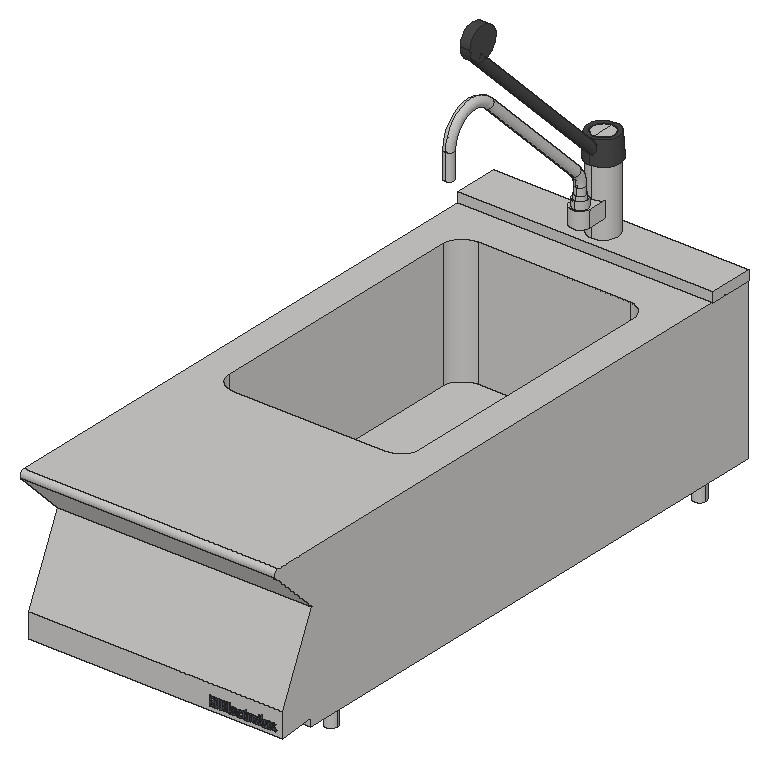
Revit family "QF_ELECTROLUXPROFESSIONAL_391236_E9SUNDQ000", category Specialty Equipment, Revit 2018
Family settings
  Round Connector Dimension = Use Diameter
  Part Type = Normal
  Work Plane-Based = No
  Always vertical = Yes
  Cut with Voids When Loaded = No
  Shared = No
  Room Calculation Point = No
Parameters
  Width = 400 mm  # constant formula
  Weight in Pounds = 44.1  # constant formula
  Watts = 0 W
  Waste Water Discharge Temperature [instance] = -459.67 °F
  URL Cutsheet = "www.electrolux.com"
  URL = "www.electrolux.com"
  Type Mark [instance] = ""
  Specification by User [instance] = ""
  Specification by Manufacturer = ""
  Show Logo [instance] = yes
  Serial Number = ""
  Seismic Rating = ""
  SMACNA No = ""
  Revision Code [instance] = ""
  Plumbing Remarks = ""
  Plumbing Connection Type = ""
  Omniclass Number and Title = ""
  NAFEM Spec ID Number = ""
  Model = "391236"
  Masterspec = ""
  Manufacturer = "ELECTROLUX"
  Item Number [instance] = ""
  Installed By [instance] = ""
  Indirect Waste Size = 1"
  Indirect Waste Flow [instance] = 0 GPM
  Indirect Waste Connection Type [instance] = ""
  Indirect Waste Connection Height = 0 mm
  Identify Quantity as Lot [instance] = yes
  Hot Water Temperature [instance] = -459.67 °F
  Hot Water Size = 1/2"
  Hot Water RI Height [instance] = 0 mm
  Hot Water Minimum Pressure = 0.00 psi
  Hot Water Maximum Pressure = 0.00 psi
  Hot Water Flow [instance] = 0 GPM
  Hot Water Consumption = 0 GPM
  Hot Water Connection Height = 0 mm
  HP = "0 HP"
  Furnished By [instance] = ""
  Foodservice Equipment Identifier [instance] = yes
  Direct Waste Size = 5 1/2"
  Description = "SINK TOP WITH WATER COLUMN 400MM"
  Depth = 930 mm  # constant formula
  Cold Water Temperature Recommended [instance] = -459.67 °F
  Cold Water Size = 1/2"
  Cold Water RI Height [instance] = 0 mm
  Cold Water Minimum Pressure = 0.00 psi
  Cold Water Maximum Pressure = 0.00 psi
  Cold Water Flow [instance] = 0 GPM
  Cold Water Consumption = ""
  Cold Water Connection Height = 0 mm
  CSI MasterFormat = ""
  CSI Master Format = ""
Reference planes
  plane 1 "BACK": y = 0
  plane 2: z = 0
  plane 3 "LEFT": x = 0
  plane 4 "RIGHT": x = 400
  plane 5 "FRONT": y = -930
  plane 6 "TOP": z = 275
  plane 7 "Center Y": x = 200
  plane 8 "Center X": y = -465
  plane 9: z = 24
  plane 10: z = 688
  plane 11: y = -82
  plane 12: y = -805
Forms (mm)
  Extrusion 1, solid, material "QF_Finishes_Stainless Steel"
    sketch origin (0, 0, 0) x (0, 1, 0) y (0, 0, 1)
      loop
        line (0, 275) -> (-922.639, 275)
        arc (-922.639, 275) -> (-929.44, 270.456) -> (-927.844, 262.434) r 7.361
        line (-927.844, 262.434) -> (-857.044, 191.634) -> (-913.4, 69.19) -> (-913.4, 31.09) -> (-860.028, 36.7) -> (-860.028, 24) -> (0, 24) -> (0, 275)
    from 0 to 400
  Extrusion 2, solid, material "QF_Finishes_Stainless Steel"
    sketch origin (0, 0, 0) x (1, 0, 0) y (0, 1, 0)
      loop
        circle (11, -82) r 9.525
      loop
        circle (11, -805) r 9.525
      loop
        circle (389, -82) r 9.525
      loop
        circle (389, -805) r 9.525
    from 0 to 24
  Extrusion 3, solid, material "QF_Finishes_Stainless Steel"
    sketch origin (0, -101.6, 24) x (-1, 0, 0) y (0, 1, 0)
      loop
        circle (-200, -76.483) r 12.7
    from -14.507 to -1.283
  Extrusion 4, solid, material "QF_Finishes_Stainless Steel"
    sketch origin (0, 0, 275) x (0, -1, 0) y (1, 0, 0)
      loop
        line (0, 400) -> (0, 0) -> (69.85, 0) -> (69.85, 400) -> (0, 400)
    from 0 to 15
  Extrusion 5, solid, material "QF_Finishes_Navy Blue", visible <- "Show Logo"
    sketch origin (0, -913.4, 31.09) x (0, 0, 1) y (-1, 0, 0)
      loop
        line (20.486, -293.797) -> (8.12, -293.797)
        arc (8.12, -293.797) -> (14.303, -298.368) -> (20.486, -293.797) r 6.467
      loop
        arc (20.486, -293.168) -> (19.317, -288.025) -> (14.662, -285.547) r 6.338
        line (14.662, -285.547) -> (14.662, -287.593)
        arc (14.662, -287.593) -> (16.145, -291.248) -> (19.591, -293.168) r 5.941
        line (19.591, -293.168) -> (20.486, -293.168)
      loop
        arc (9.015, -293.168) -> (12.461, -291.248) -> (13.945, -287.593) r 5.941
        line (13.945, -287.593) -> (13.945, -285.547)
        arc (13.945, -285.547) -> (9.25, -288.021) -> (7.961, -293.168) r 6.504
        line (7.961, -293.168) -> (9.015, -293.168)
      loop
        line (21.161, -285.078) -> (7.417, -285.078) -> (7.417, -298.841) -> (21.161, -298.841) -> (21.161, -285.078)
      loop
        arc (21.245, -301.808) -> (20.897, -301.451) -> (20.53, -301.789) r 0.358
        arc (20.53, -301.789) -> (20.216, -302.539) -> (19.499, -302.924) r 1.216
        line (19.499, -302.924) -> (9.087, -302.924)
        arc (9.087, -302.924) -> (8.427, -302.646) -> (8.031, -302.05) r 1.238
        arc (8.031, -302.05) -> (7.636, -301.799) -> (7.33, -302.153) r 0.358
        line (7.33, -302.153) -> (7.33, -312.032) -> (10.081, -312.032) -> (10.081, -311.135)
        arc (10.081, -311.135) -> (9.172, -310.555) -> (8.717, -309.578) r 1.928
        line (8.717, -309.578) -> (8.717, -307.079)
        arc (8.717, -307.079) -> (8.992, -306.35) -> (9.681, -305.986) r 1.101
        line (9.681, -305.986) -> (13.767, -305.986) -> (13.767, -309.659)
        arc (13.767, -309.659) -> (13.415, -310.157) -> (12.849, -310.384) r 1.083
        arc (12.849, -310.384) -> (12.586, -310.69) -> (12.878, -310.968) r 0.292
        line (12.878, -310.968) -> (15.84, -310.968)
        arc (15.84, -310.968) -> (16.143, -310.695) -> (15.904, -310.365) r 0.305
        arc (15.904, -310.365) -> (15.414, -310.117) -> (15.109, -309.659) r 1.083
        line (15.109, -309.659) -> (15.109, -305.986) -> (19.786, -305.986) -> (19.786, -309.733)
        arc (19.786, -309.733) -> (19.572, -310.489) -> (18.965, -310.987) r 1.314
        arc (18.965, -310.987) -> (18.746, -311.391) -> (19.101, -311.683) r 0.361
        line (19.101, -311.683) -> (21.245, -311.683) -> (21.245, -301.808)
      loop
        arc (20.528, -312.464) -> (20.147, -313.383) -> (19.229, -313.763) r 1.299
        line (19.229, -313.763) -> (9.65, -313.763)
        arc (9.65, -313.763) -> (8.812, -313.385) -> (8.54, -312.507) r 1.118
        line (8.54, -312.507) -> (7.33, -312.507) -> (7.33, -317.857) -> (8.519, -317.857)
        arc (8.519, -317.857) -> (8.79, -316.94) -> (9.66, -316.544) r 1.153
        line (9.66, -316.544) -> (21.733, -316.544) -> (20.528, -312.464)
      loop
        line (12.295, -320.493) -> (12.295, -326.941) -> (13.094, -326.941)
        arc (13.094, -326.941) -> (15.675, -325.956) -> (16.943, -323.502) r 3.874
        line (16.943, -323.502) -> (16.943, -321.742)
        arc (16.943, -321.742) -> (15.757, -318.877) -> (12.892, -317.691) r 4.051
        line (12.892, -317.691) -> (10.884, -317.691)
        arc (10.884, -317.691) -> (8.066, -319.176) -> (7.014, -322.183) r 4.352
        arc (7.014, -322.183) -> (7.378, -324.646) -> (8.756, -326.72) r 5.713
        line (8.756, -326.72) -> (9.705, -326.72)
        arc (9.705, -326.72) -> (8.972, -325.151) -> (8.756, -323.433) r 5.579
        arc (8.756, -323.433) -> (9.55, -321.47) -> (11.429, -320.493) r 3.057
        line (11.429, -320.493) -> (12.295, -320.493)
      loop
        line (13.554, -320.493) -> (13.554, -324.075)
        arc (13.554, -324.075) -> (15.011, -324.122) -> (15.894, -322.963) r 1.59
        line (15.894, -322.963) -> (15.894, -322.133)
        arc (15.894, -322.133) -> (15.03, -320.878) -> (13.554, -320.493) r 2.184
      loop
        arc (16.345, -336.358) -> (16.834, -334.684) -> (16.992, -332.947) r 9.023
        line (16.992, -332.947) -> (16.992, -331.585)
        arc (16.992, -331.585) -> (15.832, -328.785) -> (13.033, -327.626) r 3.959
        line (13.033, -327.626) -> (10.432, -327.626)
        arc (10.432, -327.626) -> (8.151, -328.918) -> (7.033, -331.291) r 4.331
        line (7.033, -331.291) -> (7.033, -333.426)
        arc (7.033, -333.426) -> (7.542, -334.976) -> (8.463, -336.322) r 5.772
        arc (8.463, -336.322) -> (9.225, -336.373) -> (9.311, -335.614) r 0.553
        arc (9.311, -335.614) -> (8.924, -334.88) -> (8.79, -334.061) r 2.573
        line (8.79, -334.061) -> (8.79, -332.546)
        arc (8.79, -332.546) -> (9.796, -330.904) -> (11.61, -330.262) r 2.884
        line (11.61, -330.262) -> (12.889, -330.262)
        arc (12.889, -330.262) -> (14.71, -330.822) -> (15.637, -332.487) r 2.554
        line (15.637, -332.487) -> (15.637, -333.54)
        arc (15.637, -333.54) -> (15.305, -334.468) -> (14.648, -335.203) r 2.564
        arc (14.648, -335.203) -> (14.427, -335.92) -> (15.036, -336.358) r 0.643
        line (15.036, -336.358) -> (16.345, -336.358)
      loop
        line (15.327, -336.628) -> (15.327, -338.129) -> (9.279, -338.129)
        arc (9.279, -338.129) -> (7.691, -338.787) -> (7.033, -340.375) r 2.246
        line (7.033, -340.375) -> (7.033, -341.959)
        arc (7.033, -341.959) -> (7.347, -342.823) -> (7.848, -343.595) r 4.06
        arc (7.848, -343.595) -> (8.58, -343.728) -> (8.832, -343.027) r 0.576
        arc (8.832, -343.027) -> (8.726, -342.501) -> (8.79, -341.969) r 1.69
        arc (8.79, -341.969) -> (9.331, -341.181) -> (10.238, -340.878) r 1.506
        line (10.238, -340.878) -> (15.376, -340.878) -> (15.376, -343.275) -> (15.932, -343.831) -> (16.754, -343.831) -> (16.754, -340.972) -> (19.985, -340.972) -> (15.327, -336.628)
      loop
        line (7.251, -344.729) -> (7.251, -350.116) -> (8.361, -350.116)
        arc (8.361, -350.116) -> (8.755, -349.165) -> (9.706, -348.771) r 1.345
        line (9.706, -348.771) -> (13.322, -348.771)
        arc (13.322, -348.771) -> (14.087, -349.363) -> (14.376, -350.285) r 1.615
        line (14.376, -350.285) -> (14.376, -351.841) -> (16.932, -352.526) -> (16.932, -351.143) -> (14.989, -348.584) -> (16.87, -348.584) -> (16.585, -345.878)
        arc (16.585, -345.878) -> (16.146, -345.348) -> (15.487, -345.549) r 0.621
        arc (15.487, -345.549) -> (15.086, -345.891) -> (14.592, -346.074) r 1.501
        line (14.592, -346.074) -> (9.706, -346.074)
        arc (9.706, -346.074) -> (8.755, -345.68) -> (8.361, -344.729) r 1.345
        line (8.361, -344.729) -> (7.251, -344.729)
      loop
        line (13.353, -352.063) -> (10.66, -352.063)
        arc (10.66, -352.063) -> (8.215, -353.371) -> (7.081, -355.901) r 4.288
        arc (7.081, -355.901) -> (7.018, -357.282) -> (7.081, -358.662) r 15.022
        arc (7.081, -358.662) -> (8.215, -361.193) -> (10.66, -362.5) r 4.288
        line (10.66, -362.5) -> (13.353, -362.5)
        arc (13.353, -362.5) -> (15.798, -361.193) -> (16.932, -358.662) r 4.288
        arc (16.932, -358.662) -> (16.996, -357.282) -> (16.932, -355.901) r 15.022
        arc (16.932, -355.901) -> (15.798, -353.371) -> (13.353, -352.063) r 4.288
      loop
        line (13.557, -355.177) -> (10.456, -355.177)
        arc (10.456, -355.177) -> (8.299, -357.334) -> (10.456, -359.491) r 2.157
        line (10.456, -359.491) -> (13.557, -359.491)
        arc (13.557, -359.491) -> (15.714, -357.334) -> (13.557, -355.177) r 2.157
      loop
        arc (20.538, -362.358) -> (20.168, -363.252) -> (19.274, -363.623) r 1.264
        line (19.274, -363.623) -> (9.409, -363.623)
        arc (9.409, -363.623) -> (8.539, -363.226) -> (8.268, -362.31) r 1.153
        line (8.268, -362.31) -> (7.33, -362.31) -> (7.33, -367.418) -> (8.259, -367.418)
        arc (8.259, -367.418) -> (8.618, -366.646) -> (9.409, -366.331) r 1.153
        line (9.409, -366.331) -> (21.733, -366.331) -> (20.538, -362.358)
      loop
        arc (15.658, -366.956) -> (15.459, -368.02) -> (14.49, -368.502) r 1.215
        line (14.49, -368.502) -> (9.47, -368.502)
        arc (9.47, -368.502) -> (7.856, -369.149) -> (7.135, -370.732) r 2.338
        line (7.135, -370.732) -> (7.135, -372.247)
        arc (7.135, -372.247) -> (7.309, -373.251) -> (7.812, -374.137) r 2.979
        line (7.812, -374.137) -> (7.33, -375.934) -> (7.33, -377.622) -> (16.756, -377.622) -> (16.462, -373.419) -> (15.675, -373.419)
        arc (15.675, -373.419) -> (15.32, -374.255) -> (14.567, -374.764) r 1.605
        line (14.567, -374.764) -> (9.465, -374.764)
        arc (9.465, -374.764) -> (9.044, -373.827) -> (8.972, -372.803) r 2.94
        arc (8.972, -372.803) -> (9.532, -371.702) -> (10.686, -371.259) r 1.724
        line (10.686, -371.259) -> (16.882, -371.259) -> (15.658, -366.956)
      loop
        line (16.687, -378.476) -> (15.014, -380.522) -> (11.841, -382.828) -> (8.384, -379.716)
        arc (8.384, -379.716) -> (8.147, -379.322) -> (8.169, -378.863) r 0.789
        line (8.169, -378.863) -> (7.33, -378.863) -> (7.33, -382.408) -> (8.157, -382.408)
        arc (8.157, -382.408) -> (8.499, -382.046) -> (8.989, -382.138) r 0.52
        line (8.989, -382.138) -> (10.789, -383.609) -> (8.67, -384.985)
        arc (8.67, -384.985) -> (8.269, -384.675) -> (8.183, -384.175) r 0.7
        line (8.183, -384.175) -> (7.33, -384.175) -> (7.33, -390.102) -> (8.217, -390.102)
        arc (8.217, -390.102) -> (8.284, -389.443) -> (8.679, -388.912) r 1.247
        line (8.679, -388.912) -> (12.878, -385.631) -> (15.326, -387.684) -> (16.687, -389.426) -> (16.687, -385.702) -> (15.202, -386.125) -> (13.68, -384.848) -> (15.38, -383.658) -> (16.687, -384.434) -> (16.687, -378.476)
    from 0 to 1.644
  Revolve 6, solid, material "QF_Finishes_Black"
    sketch origin (200, 0, 0) x (0, 1, 0) y (0, 0, 1)
      loop
        line (-10.402, 431.759) -> (-17.425, 431.759) -> (-17.425, 394.386) -> (-8.778, 394.386) -> (-10.402, 431.759)
      axis (-34.925, 431.759) -> (-34.925, 394.386)
    angle from 0 to 360
  Extrusion 7, solid, material "QF_Finishes_Stainless Steel"
    sketch origin (200, 0, 320) x (1, 0, 0) y (0, 1, 0)
      loop
        line (-15.156, -43.482) -> (-15.156, -80.264)
        arc (-15.156, -80.264) -> (0, -95.42) -> (15.156, -80.264) r 15.156
        line (15.156, -80.264) -> (15.156, -43.482) -> (-15.156, -43.482)
    from 0 to 25.4
  Revolve 8, solid, material "QF_Finishes_Stainless Steel"
    sketch origin (200, -29.397, 2.781) x (0, 1, 0) y (0, 0, 1)
      loop
        line (-50.867, 342.619) -> (-39.617, 342.619) -> (-39.617, 353.869) -> (-42.117, 353.869) -> (-42.117, 359.598) -> (-50.867, 359.598) -> (-50.867, 342.619)
      axis (-50.867, 359.598) -> (-50.867, 342.619)
    angle from 0 to 360
  Sweep 9, solid, material "QF_Finishes_Stainless Steel"
    path origin (200, 0, -10) x (0, 1, 0) y (0, 0, 1)
      loop
        line (-80.264, 372.378) -> (-80.264, 385.056)
        arc (-80.264, 385.056) -> (-82.766, 397.633) -> (-89.89, 408.296) r 32.867
        line (-89.89, 408.296) -> (-260.848, 579.254)
        arc (-260.848, 579.254) -> (-309.888, 589.008) -> (-337.667, 547.434) r 45
        line (-337.667, 547.434) -> (-337.667, 506.364)
    profile origin (200, -80.264, 368.717) x (0, -1, 0) y (1, 0, 0)
      loop
        circle (0, 0) r 7.5
  Sweep 10, solid, material "QF_Finishes_Black"
    path origin (200, 57.529, 36.755) x (0, 1, 0) y (0, 0, 1)
      loop
        line (-107.529, 373.023) -> (-350.504, 615.998)
    profile origin (200, -171.487, 531.265) x (0, -0.707107, -0.707107) y (1, 0, 0)
      loop
        circle (0, 0) r 7.5
  Extrusion 11, solid, material "QF_Finishes_Black"
    sketch origin (200, 0, 0) x (0, 1, 0) y (0, 0, 1)
      loop
        circle (-281.051, 665.179) r 25
    from -7.7 to 7.686
  Revolve 12, solid, material "QF_Finishes_Stainless Steel"
    sketch origin (200, 0, 0) x (0, 1, 0) y (0, 0, 1)
      loop
        line (-34.925, 431.759) -> (-34.925, 290) -> (-12.425, 290) -> (-12.425, 394.386) -> (-17.425, 394.386) -> (-17.425, 431.759) -> (-34.925, 431.759)
      axis (-34.925, 431.759) -> (-34.925, 290)
    angle from 0 to 360
  Extrusion 13, void
    sketch origin (0, 0, 275) x (1, 0, 0) y (0, -1, 0)
      loop
        line (80, 132.285) -> (320, 132.285)
        arc (320, 132.285) -> (341.213, 141.072) -> (350, 162.285) r 30
        line (350, 162.285) -> (350, 582.285)
        arc (350, 582.285) -> (341.213, 603.498) -> (320, 612.285) r 30
        line (320, 612.285) -> (80, 612.285)
        arc (80, 612.285) -> (58.787, 603.498) -> (50, 582.285) r 30
        line (50, 582.285) -> (50, 162.285)
        arc (50, 162.285) -> (58.787, 141.072) -> (80, 132.285) r 30
    from 0 to 200
  Extrusion 14, void
    sketch origin (0, 0, 75) x (0, 1, 0) y (1, 0, 0)
      loop
        circle (-178.083, 200) r 12.7
    from 0 to 36.579
  Extrusion 15, solid, material "QF_Finishes_Stainless Steel"
    sketch origin (0, 0, 75) x (1, 0, 0) y (0, 1, 0)
      loop
        circle (200, -178.083) r 12.7
      loop
        circle (200, -178.083) r 19.1
    from 0 to 3.2
Cuts and joins
  Extrusion 13, Extrusion 14 cuts Extrusion 1
Lines and regions (mm)
  symbolic lines
    curve 1: line (0, 0, 0) -> (0, -930, 0)
    curve 2: line (0, 0, 0) -> (400, 0, 0)
    curve 3: line (400, 0, 0) -> (400, -930, 0)
    curve 4: line (400, -930, 0) -> (0, -930, 0)
    curve 5: line (0, -69.85, 0) -> (184.844, -69.85, 0)
    curve 6: circle (200, -34.925, 0) r 17.5 normal (0, 0, 1)
    curve 7: circle (200, -34.925, 0) r 26.147 normal (0, 0, 1)
    curve 8: line (215.156, -80.264, 0) -> (215.156, -56.231, 0)
    curve 9: line (184.844, -56.231, 0) -> (184.844, -80.264, 0)
    curve 10: arc (184.844, -80.264, 0) -> (186.897, -87.881, 0) -> (192.5, -93.434, 0) r 15.156
    curve 11: arc (192.5, -71.878, 0) -> (188.75, -80.264, 0) -> (192.5, -88.649, 0) r 11.25
    curve 12: line (215.156, -69.85, 0) -> (400, -69.85, 0)
    curve 13: arc (207.5, -88.649, 0) -> (211.25, -80.264, 0) -> (207.5, -71.878, 0) r 11.25
    curve 14: line (207.5, -337.667, 0) -> (207.5, -59.973, 0)
    curve 15: line (192.5, -337.667, 0) -> (192.5, -59.973, 0)
    curve 16: arc (192.5, -337.667, 0) -> (200, -345.167, 0) -> (207.5, -337.667, 0) r 7.5
    curve 17: arc (207.5, -93.434, 0) -> (213.103, -87.881, 0) -> (215.156, -80.264, 0) r 15.156
    curve 18: arc (192.5, -167.835, 0) -> (187.3, -178.083, 0) -> (192.5, -188.332, 0) r 12.7
    curve 19: arc (192.5, -160.518, 0) -> (180.9, -178.083, 0) -> (192.5, -195.649, 0) r 19.1
    curve 20: arc (207.5, -188.332, 0) -> (212.7, -178.083, 0) -> (207.5, -167.835, 0) r 12.7
    curve 21: arc (207.5, -195.649, 0) -> (219.1, -178.083, 0) -> (207.5, -160.518, 0) r 19.1
    curve 22: line (80, -132.285, 0) -> (192.5, -132.285, 0)
    curve 23: arc (320, -132.285, 0) -> (341.213, -141.072, 0) -> (350, -162.285, 0) r 30
    curve 24: line (350, -162.285, 0) -> (350, -582.285, 0)
    curve 25: arc (350, -582.285, 0) -> (341.213, -603.498, 0) -> (320, -612.285, 0) r 30
    curve 26: line (320, -612.285, 0) -> (80, -612.285, 0)
    curve 27: arc (80, -612.285, 0) -> (58.787, -603.498, 0) -> (50, -582.285, 0) r 30
    curve 28: line (50, -582.285, 0) -> (50, -162.285, 0)
    curve 29: arc (50, -162.285, 0) -> (58.787, -141.072, 0) -> (80, -132.285, 0) r 30
    curve 30: line (207.5, -132.285, 0) -> (320, -132.285, 0)
Dimensions and locks
  equal spacing: plane 3 "LEFT", plane 7 "Center Y", plane 4 "RIGHT"
  "Width": plane 3 "LEFT" to plane 4 "RIGHT"
  equal spacing: plane 5 "FRONT", plane 8 "Center X", plane 1 "BACK"
  "Depth": plane 5 "FRONT" to plane 1 "BACK"
  plane 6 "TOP" to level = 275 mm
  plane 9 to level = 24 mm  (x2)
  plane 6 "TOP" to plane 9 = 251 mm  (x3)
  plane 10 to level = 688 mm
  plane 10 to plane 9 = 664 mm
  plane 1 "BACK" to plane 5 "FRONT" = 930 mm  (x2)
  plane 5 "FRONT" to plane 12 to plane 11 to plane 1 "BACK" = 125 mm, 723 mm, 82 mm
  plane 9 to plane 2 = 24 mm
  Extrusion 4 to plane 9 = 266 mm
  plane 5 "FRONT" to plane 1 "BACK" = 930 mm
  plane 9 to Extrusion 3 = 1.283 mm
  Extrusion 3 sketch curve to plane 1 "BACK" = 178.083 mm
  plane 1 "BACK" to plane 11 = 82 mm
  plane 12 to plane 5 "FRONT" = 125 mm
  plane 10 to plane 6 "TOP" = 413 mm
  level to Extrusion 3 = 25.283 mm
  aligned and locked: level to plane 2
Automatic sketch dimensions
  Extrusion 1 sketch curve to plane 6 "TOP" = 0 mm
  Extrusion 1 sketch curve to plane 9 = 0 mm
  Extrusion 1 sketch curve to plane 1 "BACK" = 0 mm
  Extrusion 1 sketch curve to plane 12 = 52.044 mm
  plane 9 to Extrusion 1 sketch curve = 12.7 mm
  Extrusion 1 sketch curve to plane 12 = 55.028 mm
  plane 9 to Extrusion 1 sketch curve = 7.09 mm
  Extrusion 1 sketch curve to plane 5 "FRONT" = 16.6 mm
  Extrusion 1 sketch curve to plane 5 "FRONT" = 7.361 mm
  Extrusion 1 sketch curve to plane 5 "FRONT" = 2.156 mm
  Extrusion 1 sketch curve to Extrusion 1 sketch curve = 38.1 mm
  Extrusion 1 sketch curve to plane 6 "TOP" = 83.366 mm
  Extrusion 1 sketch curve to plane 6 "TOP" = 12.566 mm
  Extrusion 2 sketch curve to plane 12 = 0 mm  (x2)
  plane 11 to Extrusion 2 sketch curve = 0 mm  (x2)
  Extrusion 3 sketch curve to Extrusion 1 = 200 mm
  Extrusion 4 sketch curve to Extrusion 1 = 0 mm  (x3)
  Extrusion 1 to Extrusion 4 sketch curve = 69.85 mm
  Extrusion 5 sketch curve to Extrusion 1 = 1.973 mm
  Extrusion 5 sketch curve to Extrusion 1 = 7.014 mm
  Extrusion 5 sketch curve to Extrusion 1 = 7.033 mm  (x2)
  Extrusion 5 sketch curve to Extrusion 5 sketch curve = 5.108 mm  (x2)
  Extrusion 5 sketch curve to Extrusion 5 sketch curve = 0 mm  (x27)
  Extrusion 5 sketch curve to Extrusion 1 = 7.135 mm
  Extrusion 5 sketch curve to Extrusion 5 sketch curve = 0.218 mm
  Extrusion 5 sketch curve to Extrusion 5 sketch curve = 0.195 mm
  Extrusion 5 sketch curve to Extrusion 5 sketch curve = 0.249 mm
  Extrusion 5 sketch curve to Extrusion 1 = 7.33 mm
  Extrusion 5 sketch curve to Extrusion 5 sketch curve = 0.087 mm
  Extrusion 5 sketch curve to Extrusion 5 sketch curve = 0.358 mm
  Extrusion 5 sketch curve to Extrusion 5 sketch curve = 0.481 mm
  Extrusion 5 sketch curve to Extrusion 5 sketch curve = 0.597 mm
  Extrusion 5 sketch curve to Extrusion 5 sketch curve = 0.544 mm
  Extrusion 5 sketch curve to Extrusion 5 sketch curve = 0.936 mm
  Extrusion 5 sketch curve to Extrusion 5 sketch curve = 0.594 mm
  Extrusion 5 sketch curve to Extrusion 5 sketch curve = 0.343 mm
  Extrusion 5 sketch curve to Extrusion 5 sketch curve = 0.159 mm
  Extrusion 5 sketch curve to Extrusion 5 sketch curve = 0.826 mm
  Extrusion 5 sketch curve to Extrusion 5 sketch curve = 0.839 mm
  Extrusion 5 sketch curve to Extrusion 5 sketch curve = 0.852 mm
  Extrusion 5 sketch curve to Extrusion 5 sketch curve = 0.887 mm
  Extrusion 5 sketch curve to Extrusion 5 sketch curve = 0.928 mm
  Extrusion 5 sketch curve to Extrusion 5 sketch curve = 0.938 mm
  Extrusion 5 sketch curve to Extrusion 5 sketch curve = 0.444 mm
  Extrusion 5 sketch curve to Extrusion 5 sketch curve = 1.11 mm  (x3)
  Extrusion 5 sketch curve to Extrusion 5 sketch curve = 0.215 mm
  Extrusion 5 sketch curve to Extrusion 5 sketch curve = 1.43 mm
  Extrusion 5 sketch curve to Extrusion 5 sketch curve = 1.188 mm
  Extrusion 5 sketch curve to Extrusion 5 sketch curve = 1.21 mm  (x2)
  Extrusion 5 sketch curve to Extrusion 5 sketch curve = 0.503 mm
  Extrusion 5 sketch curve to Extrusion 5 sketch curve = 0.488 mm
  Extrusion 5 sketch curve to Extrusion 5 sketch curve = 0.462 mm
  Extrusion 5 sketch curve to Extrusion 5 sketch curve = 1.386 mm
  Extrusion 5 sketch curve to Extrusion 5 sketch curve = 1.742 mm  (x2)
  Extrusion 5 sketch curve to Extrusion 5 sketch curve = 0.821 mm
  Extrusion 5 sketch curve to Extrusion 5 sketch curve = 0.497 mm
  Extrusion 5 sketch curve to Extrusion 5 sketch curve = 0.539 mm
  Extrusion 5 sketch curve to Extrusion 5 sketch curve = 0.686 mm
  Extrusion 5 sketch curve to Extrusion 5 sketch curve = 0.408 mm
  Extrusion 5 sketch curve to Extrusion 5 sketch curve = 0.743 mm
  Extrusion 5 sketch curve to Extrusion 5 sketch curve = 1.16 mm
  Extrusion 5 sketch curve to Extrusion 5 sketch curve = 0.329 mm
  Extrusion 5 sketch curve to Extrusion 5 sketch curve = 1.054 mm
  Extrusion 5 sketch curve to Extrusion 5 sketch curve = 1.056 mm
  Extrusion 5 sketch curve to Extrusion 5 sketch curve = 1.185 mm
  Extrusion 5 sketch curve to Extrusion 5 sketch curve = 0.489 mm
  Extrusion 5 sketch curve to Extrusion 5 sketch curve = 0.441 mm
  Extrusion 5 sketch curve to Extrusion 5 sketch curve = 1.151 mm
  Extrusion 5 sketch curve to Extrusion 5 sketch curve = 1.141 mm  (x2)
  Extrusion 5 sketch curve to Extrusion 5 sketch curve = 0.768 mm
  Extrusion 5 sketch curve to Extrusion 5 sketch curve = 1.653 mm
  Extrusion 5 sketch curve to Extrusion 5 sketch curve = 0.499 mm
  Extrusion 5 sketch curve to Extrusion 5 sketch curve = 0.964 mm
  Extrusion 5 sketch curve to Extrusion 5 sketch curve = 0.949 mm
  Extrusion 5 sketch curve to Extrusion 5 sketch curve = 1.345 mm  (x3)
  Extrusion 5 sketch curve to Extrusion 5 sketch curve = 1.101 mm
  Extrusion 5 sketch curve to Extrusion 5 sketch curve = 0.432 mm
  Extrusion 5 sketch curve to Extrusion 5 sketch curve = 1.142 mm
  Extrusion 5 sketch curve to Extrusion 5 sketch curve = 0.959 mm
  Extrusion 5 sketch curve to Extrusion 5 sketch curve = 0.176 mm
  Extrusion 5 sketch curve to Extrusion 5 sketch curve = 0.728 mm
  Extrusion 5 sketch curve to Extrusion 5 sketch curve = 3.375 mm  (x2)
  Extrusion 5 sketch curve to Extrusion 5 sketch curve = 1.905 mm
  Extrusion 5 sketch curve to Extrusion 5 sketch curve = 0.955 mm
  Extrusion 5 sketch curve to Extrusion 5 sketch curve = 1.251 mm
  Extrusion 5 sketch curve to Extrusion 5 sketch curve = 0.572 mm
  Extrusion 5 sketch curve to Extrusion 5 sketch curve = 1.92 mm
  Extrusion 5 sketch curve to Extrusion 5 sketch curve = 1.224 mm
  Extrusion 5 sketch curve to Extrusion 5 sketch curve = 0.745 mm
  Extrusion 5 sketch curve to Extrusion 5 sketch curve = 2.537 mm
  Extrusion 5 sketch curve to Extrusion 5 sketch curve = 0.896 mm  (x3)
  Extrusion 5 sketch curve to Extrusion 5 sketch curve = 0.036 mm
  Extrusion 5 sketch curve to Extrusion 5 sketch curve = 2.607 mm
  Extrusion 5 sketch curve to Extrusion 5 sketch curve = 0.066 mm
  Extrusion 5 sketch curve to Extrusion 5 sketch curve = 0.248 mm
  Extrusion 5 sketch curve to Extrusion 5 sketch curve = 0.449 mm
  Extrusion 5 sketch curve to Extrusion 5 sketch curve = 1.052 mm
  Extrusion 5 sketch curve to Extrusion 5 sketch curve = 1.863 mm
  Extrusion 5 sketch curve to Extrusion 5 sketch curve = 1.31 mm  (x2)
  Extrusion 5 sketch curve to Extrusion 5 sketch curve = 0.901 mm
  Extrusion 5 sketch curve to Extrusion 5 sketch curve = 1.107 mm
  Extrusion 5 sketch curve to Extrusion 5 sketch curve = 2.122 mm
  Extrusion 5 sketch curve to Extrusion 5 sketch curve = 2.101 mm
  Extrusion 5 sketch curve to Extrusion 5 sketch curve = 0.106 mm
  Extrusion 5 sketch curve to Extrusion 5 sketch curve = 0.029 mm
  Extrusion 5 sketch curve to Extrusion 5 sketch curve = 2.09 mm
  Extrusion 5 sketch curve to Extrusion 5 sketch curve = 1.279 mm
  Extrusion 5 sketch curve to Extrusion 5 sketch curve = 2.008 mm
  Extrusion 5 sketch curve to Extrusion 5 sketch curve = 0.738 mm
  Extrusion 5 sketch curve to Extrusion 5 sketch curve = 0.382 mm
  Extrusion 5 sketch curve to Extrusion 5 sketch curve = 0.384 mm
  Extrusion 5 sketch curve to Extrusion 5 sketch curve = 0.002 mm
  Extrusion 5 sketch curve to Extrusion 5 sketch curve = 0.561 mm
  Extrusion 5 sketch curve to Extrusion 5 sketch curve = 0.592 mm
  Extrusion 5 sketch curve to Extrusion 5 sketch curve = 2.692 mm
  Extrusion 5 sketch curve to Extrusion 5 sketch curve = 1.259 mm
  Extrusion 5 sketch curve to Extrusion 5 sketch curve = 0.802 mm
  Extrusion 5 sketch curve to Extrusion 5 sketch curve = 1.024 mm
  Extrusion 5 sketch curve to Extrusion 5 sketch curve = 0.682 mm
  Extrusion 5 sketch curve to Extrusion 5 sketch curve = 5.934 mm
  Extrusion 5 sketch curve to Extrusion 5 sketch curve = 2.186 mm
  Extrusion 5 sketch curve to Extrusion 5 sketch curve = 0.337 mm
  Extrusion 5 sketch curve to Extrusion 5 sketch curve = 0.021 mm
  Extrusion 5 sketch curve to Extrusion 5 sketch curve = 1.005 mm
  Extrusion 5 sketch curve to Extrusion 5 sketch curve = 0.552 mm
  Extrusion 5 sketch curve to Extrusion 5 sketch curve = 0.778 mm
  Extrusion 5 sketch curve to Extrusion 5 sketch curve = 0.063 mm
  Extrusion 5 sketch curve to Extrusion 5 sketch curve = 1.023 mm
  Extrusion 5 sketch curve to Extrusion 5 sketch curve = 3.804 mm
  Extrusion 5 sketch curve to Extrusion 5 sketch curve = 0.486 mm
  Extrusion 5 sketch curve to Extrusion 5 sketch curve = 0.266 mm
  Extrusion 5 sketch curve to Extrusion 5 sketch curve = 1.547 mm
  Extrusion 5 sketch curve to Extrusion 5 sketch curve = 0.717 mm  (x2)
  Extrusion 5 sketch curve to Extrusion 5 sketch curve = 1.667 mm
  Extrusion 5 sketch curve to Extrusion 5 sketch curve = 3.174 mm
  Extrusion 5 sketch curve to Extrusion 5 sketch curve = 0.388 mm
  Extrusion 5 sketch curve to Extrusion 5 sketch curve = 1.342 mm
  Extrusion 5 sketch curve to Extrusion 5 sketch curve = 1.521 mm
  Extrusion 5 sketch curve to Extrusion 5 sketch curve = 0.124 mm
  Extrusion 5 sketch curve to Extrusion 5 sketch curve = 0.291 mm
  Extrusion 5 sketch curve to Extrusion 5 sketch curve = 1.049 mm  (x2)
  Extrusion 5 sketch curve to Extrusion 5 sketch curve = 1.7 mm
  Extrusion 5 sketch curve to Extrusion 5 sketch curve = 0.894 mm
  Extrusion 5 sketch curve to Extrusion 5 sketch curve = 0.989 mm
  Extrusion 5 sketch curve to Extrusion 5 sketch curve = 1.168 mm
  Extrusion 5 sketch curve to Extrusion 5 sketch curve = 1.594 mm
  Extrusion 5 sketch curve to Extrusion 5 sketch curve = 0.731 mm
  Extrusion 5 sketch curve to Extrusion 5 sketch curve = 1.566 mm
  Extrusion 5 sketch curve to Extrusion 5 sketch curve = 0.064 mm
  Extrusion 5 sketch curve to Extrusion 5 sketch curve = 0.556 mm  (x2)
  Extrusion 5 sketch curve to Extrusion 5 sketch curve = 0.48 mm
  Extrusion 5 sketch curve to Extrusion 5 sketch curve = 0.228 mm
  Extrusion 5 sketch curve to Extrusion 5 sketch curve = 1.018 mm
  Extrusion 5 sketch curve to Extrusion 5 sketch curve = 0.787 mm
  Extrusion 5 sketch curve to Extrusion 5 sketch curve = 0.618 mm
  Extrusion 5 sketch curve to Extrusion 5 sketch curve = 1.672 mm
  Extrusion 5 sketch curve to Extrusion 5 sketch curve = 1.361 mm
  Extrusion 5 sketch curve to Extrusion 5 sketch curve = 0.822 mm
  Extrusion 5 sketch curve to Extrusion 5 sketch curve = 0.069 mm
  Extrusion 5 sketch curve to Extrusion 5 sketch curve = 1.88 mm
  Extrusion 5 sketch curve to Extrusion 5 sketch curve = 0.42 mm
  Extrusion 5 sketch curve to Extrusion 5 sketch curve = 0.062 mm
  Extrusion 5 sketch curve to Extrusion 5 sketch curve = 1.355 mm
  Extrusion 5 sketch curve to Extrusion 5 sketch curve = 2.34 mm
  Extrusion 5 sketch curve to Extrusion 5 sketch curve = 0.493 mm
  Extrusion 5 sketch curve to Extrusion 5 sketch curve = 0.136 mm
  Extrusion 5 sketch curve to Extrusion 5 sketch curve = 0.128 mm
  Extrusion 5 sketch curve to Extrusion 5 sketch curve = 3.616 mm
  Extrusion 5 sketch curve to Extrusion 5 sketch curve = 4.207 mm
  Extrusion 5 sketch curve to Extrusion 5 sketch curve = 0.183 mm
  Extrusion 5 sketch curve to Extrusion 5 sketch curve = 0.895 mm
  Extrusion 5 sketch curve to Extrusion 5 sketch curve = 1.314 mm
  Extrusion 5 sketch curve to Extrusion 5 sketch curve = 3.231 mm
  Extrusion 5 sketch curve to Extrusion 5 sketch curve = 1.299 mm
  Extrusion 5 sketch curve to Extrusion 5 sketch curve = 1.214 mm
  Extrusion 5 sketch curve to Extrusion 5 sketch curve = 1.264 mm
  Extrusion 5 sketch curve to Extrusion 5 sketch curve = 0.109 mm
  Extrusion 5 sketch curve to Extrusion 5 sketch curve = 0.357 mm
  Extrusion 5 sketch curve to Extrusion 5 sketch curve = 0.565 mm
  Extrusion 5 sketch curve to Extrusion 5 sketch curve = 2.504 mm
  Extrusion 5 sketch curve to Extrusion 5 sketch curve = 2.459 mm
  Extrusion 1 to Extrusion 5 sketch curve = 9.898 mm
  Extrusion 5 sketch curve to Extrusion 5 sketch curve = 0.208 mm
  Extrusion 5 sketch curve to Extrusion 5 sketch curve = 0.468 mm  (x2)
  Extrusion 5 sketch curve to Extrusion 5 sketch curve = 1.559 mm
  Extrusion 5 sketch curve to Extrusion 5 sketch curve = 0.422 mm  (x2)
  Extrusion 5 sketch curve to Extrusion 5 sketch curve = 0.494 mm
  Extrusion 5 sketch curve to Extrusion 5 sketch curve = 3.927 mm
  Extrusion 5 sketch curve to Extrusion 5 sketch curve = 0.782 mm
  Extrusion 5 sketch curve to Extrusion 5 sketch curve = 1.268 mm
  Extrusion 5 sketch curve to Extrusion 5 sketch curve = 0.671 mm
  Extrusion 5 sketch curve to Extrusion 5 sketch curve = 0.777 mm
  Extrusion 5 sketch curve to Extrusion 5 sketch curve = 0.704 mm
  Extrusion 5 sketch curve to Extrusion 5 sketch curve = 0.781 mm  (x2)
  Extrusion 5 sketch curve to Extrusion 5 sketch curve = 1.634 mm
  Extrusion 5 sketch curve to Extrusion 5 sketch curve = 0.132 mm
  Extrusion 5 sketch curve to Extrusion 5 sketch curve = 3.136 mm
  Extrusion 5 sketch curve to Extrusion 5 sketch curve = 2.422 mm
  Extrusion 5 sketch curve to Extrusion 5 sketch curve = 0.586 mm
  Extrusion 5 sketch curve to Extrusion 5 sketch curve = 2.046 mm  (x2)
  Extrusion 5 sketch curve to Extrusion 5 sketch curve = 1.241 mm
  Extrusion 5 sketch curve to Extrusion 5 sketch curve = 1.689 mm
  Extrusion 5 sketch curve to Extrusion 5 sketch curve = 2.859 mm
  Extrusion 5 sketch curve to Extrusion 5 sketch curve = 0.627 mm
  Extrusion 5 sketch curve to Extrusion 5 sketch curve = 0.863 mm
  Extrusion 5 sketch curve to Extrusion 5 sketch curve = 0.419 mm
  Extrusion 5 sketch curve to Extrusion 5 sketch curve = 1.514 mm
  Extrusion 5 sketch curve to Extrusion 5 sketch curve = 1.019 mm
  Extrusion 5 sketch curve to Extrusion 5 sketch curve = 0.065 mm
  Extrusion 5 sketch curve to Extrusion 5 sketch curve = 1.215 mm
  Extrusion 5 sketch curve to Extrusion 5 sketch curve = 2.708 mm
  Extrusion 5 sketch curve to Extrusion 5 sketch curve = 1.122 mm
  Extrusion 5 sketch curve to Extrusion 5 sketch curve = 1.153 mm
  Extrusion 5 sketch curve to Extrusion 5 sketch curve = 3.009 mm
  Extrusion 5 sketch curve to Extrusion 5 sketch curve = 0.829 mm  (x2)
  Extrusion 5 sketch curve to Extrusion 5 sketch curve = 0.934 mm
  Extrusion 5 sketch curve to Extrusion 5 sketch curve = 3.376 mm
  Extrusion 5 sketch curve to Extrusion 5 sketch curve = 0.222 mm
  Extrusion 5 sketch curve to Extrusion 5 sketch curve = 1.383 mm
  Extrusion 5 sketch curve to Extrusion 5 sketch curve = 1.556 mm
  Extrusion 5 sketch curve to Extrusion 5 sketch curve = 2.559 mm
  Extrusion 5 sketch curve to Extrusion 5 sketch curve = 2.51 mm
  Extrusion 5 sketch curve to Extrusion 5 sketch curve = 0.131 mm
  Extrusion 5 sketch curve to Extrusion 5 sketch curve = 1.717 mm
  Extrusion 5 sketch curve to Extrusion 5 sketch curve = 1.134 mm
  Extrusion 5 sketch curve to Extrusion 5 sketch curve = 0.366 mm
  Extrusion 5 sketch curve to Extrusion 5 sketch curve = 0.094 mm
  Extrusion 5 sketch curve to Extrusion 5 sketch curve = 1.584 mm
  Extrusion 5 sketch curve to Extrusion 5 sketch curve = 1.501 mm
  Extrusion 5 sketch curve to Extrusion 5 sketch curve = 0.27 mm
  Extrusion 5 sketch curve to Extrusion 5 sketch curve = 1.808 mm
  Extrusion 5 sketch curve to Extrusion 5 sketch curve = 0.643 mm
  Extrusion 5 sketch curve to Extrusion 5 sketch curve = 0.916 mm
  Extrusion 5 sketch curve to Extrusion 5 sketch curve = 0.352 mm
  Extrusion 5 sketch curve to Extrusion 5 sketch curve = 0.458 mm
  Extrusion 5 sketch curve to Extrusion 5 sketch curve = 1.282 mm
  Extrusion 5 sketch curve to Extrusion 5 sketch curve = 1.363 mm
  Extrusion 5 sketch curve to Extrusion 5 sketch curve = 0.685 mm
  Extrusion 5 sketch curve to Extrusion 5 sketch curve = 0.905 mm
  Extrusion 5 sketch curve to Extrusion 5 sketch curve = 2.865 mm
  Extrusion 5 sketch curve to Extrusion 5 sketch curve = 0.472 mm
  Extrusion 5 sketch curve to Extrusion 5 sketch curve = 0.101 mm
  Extrusion 5 sketch curve to Extrusion 5 sketch curve = 0.54 mm
  Extrusion 5 sketch curve to Extrusion 5 sketch curve = 0.02 mm
  Extrusion 5 sketch curve to Extrusion 5 sketch curve = 0.582 mm
  Extrusion 5 sketch curve to Extrusion 5 sketch curve = 0.166 mm
  Extrusion 5 sketch curve to Extrusion 5 sketch curve = 0.16 mm
  Extrusion 5 sketch curve to Extrusion 5 sketch curve = 2.781 mm
  Extrusion 5 sketch curve to Extrusion 5 sketch curve = 1.118 mm
  Extrusion 5 sketch curve to Extrusion 5 sketch curve = 0.613 mm
  Extrusion 5 sketch curve to Extrusion 5 sketch curve = 0.361 mm
  Extrusion 5 sketch curve to Extrusion 5 sketch curve = 0.897 mm
  Extrusion 5 sketch curve to Extrusion 5 sketch curve = 0.167 mm
  Extrusion 5 sketch curve to Extrusion 5 sketch curve = 0.292 mm
  Extrusion 5 sketch curve to Extrusion 5 sketch curve = 0.305 mm
  Extrusion 5 sketch curve to Extrusion 5 sketch curve = 1.557 mm
  Extrusion 5 sketch curve to Extrusion 5 sketch curve = 2.499 mm
  Extrusion 5 sketch curve to Extrusion 5 sketch curve = 3.062 mm
  Extrusion 5 sketch curve to Extrusion 5 sketch curve = 2.968 mm
  Extrusion 5 sketch curve to Extrusion 5 sketch curve = 5.044 mm
  Extrusion 5 sketch curve to Extrusion 5 sketch curve = 0.629 mm  (x2)
  Extrusion 5 sketch curve to Extrusion 5 sketch curve = 1.131 mm
  Extrusion 5 sketch curve to Extrusion 5 sketch curve = 0.137 mm
  Extrusion 5 sketch curve to Extrusion 5 sketch curve = 0.027 mm
  Extrusion 5 sketch curve to Extrusion 5 sketch curve = 2.235 mm
  plane 6 "TOP" to Revolve 6 sketch curve = 15 mm
  plane 1 "BACK" to Revolve 6 sketch curve = 34.925 mm
  plane 1 "BACK" to Revolve 6 sketch curve = 17.425 mm
  Revolve 6 sketch curve to Revolve 6 sketch curve = 7.023 mm
  Revolve 6 sketch curve to plane 6 "TOP" = 65 mm
  Revolve 6 sketch curve to Revolve 6 sketch curve = 37.373 mm
  Extrusion 7 sketch curve to plane 7 "Center Y" = 0 mm
  Extrusion 7 sketch curve to plane 7 "Center Y" = 15.156 mm
  Extrusion 7 sketch curve to plane 11 = 1.736 mm
  Extrusion 7 sketch curve to Extrusion 7 sketch curve = 36.782 mm
  Revolve 8 sketch curve to plane 11 = 1.736 mm
  Revolve 8 sketch curve to Revolve 8 sketch curve = 0 mm  (x2)
  Revolve 8 sketch curve to Revolve 8 sketch curve = 8.75 mm
  Revolve 8 sketch curve to Revolve 8 sketch curve = 11.25 mm  (x2)
  Revolve 8 sketch curve to plane 6 "TOP" = 14.6 mm
  plane 6 "TOP" to Revolve 8 sketch curve = 70.4 mm
  Revolve 8 sketch curve to Revolve 8 sketch curve = 5.728 mm
  Sweep 9 sketch curve to profile plane = 0 mm  (x2)
  Sweep 10 sketch curve to plane 10 = 35.247 mm
  plane 8 "Center X" to Sweep 10 sketch curve = 172.025 mm
  Sweep 10 sketch curve to plane 11 = 32 mm
  plane 6 "TOP" to Sweep 10 sketch curve = 134.778 mm
  Sweep 10 sketch curve to profile plane = 0 mm  (x2)
  Extrusion 11 sketch curve to plane 10 = 22.821 mm
  plane 8 "Center X" to Extrusion 11 sketch curve = 183.949 mm
  plane 6 "TOP" to Revolve 12 sketch curve = 15 mm
  plane 1 "BACK" to Revolve 12 sketch curve = 34.925 mm
  Revolve 12 sketch curve to Revolve 12 sketch curve = 0 mm  (x2)
  plane 1 "BACK" to Revolve 12 sketch curve = 12.425 mm
  Revolve 12 sketch curve to plane 6 "TOP" = 65 mm
  Revolve 12 sketch curve to Revolve 12 sketch curve = 37.373 mm
  plane 1 "BACK" to Revolve 12 sketch curve = 17.425 mm
  Revolve 12 sketch curve to Revolve 12 sketch curve = 104.386 mm
  Revolve 6 sketch curve to Revolve 6 sketch curve = 8.647 mm
  Revolve 6 sketch curve to Revolve 6 sketch curve = 104.386 mm
  plane 8 "Center X" to Sweep 9 sketch curve = 127.333 mm
  Sweep 9 sketch curve to Sweep 9 sketch curve = 45 mm
  Sweep 9 sketch curve to Sweep 9 sketch curve = 31.82 mm
  plane 11 to Sweep 9 sketch curve = 31.131 mm
  plane 11 to Sweep 9 sketch curve = 7.89 mm
  Sweep 9 sketch curve to plane 11 = 1.736 mm
  plane 6 "TOP" to Sweep 9 sketch curve = 87.378 mm
  Sweep 9 sketch curve to Sweep 9 sketch curve = 12.677 mm
  Sweep 9 sketch curve to plane 10 = 191.636 mm
  Sweep 9 sketch curve to Sweep 9 sketch curve = 41.07 mm
  Extrusion 1 to Extrusion 13 sketch curve = 50 mm
  Extrusion 13 sketch curve to Extrusion 13 sketch curve = 30 mm  (x3)
  Extrusion 1 to Extrusion 13 sketch curve = 80 mm  (x2)
  Extrusion 1 to Extrusion 13 sketch curve = 310.354 mm
  Extrusion 1 to Extrusion 13 sketch curve = 162.285 mm
  Extrusion 14 sketch curve to Extrusion 13 = 45.799 mm
  Extrusion 14 sketch curve to Extrusion 13 = 150 mm
  Extrusion 15 sketch curve to Extrusion 13 = 150 mm
  Extrusion 15 sketch curve to Extrusion 13 = 45.799 mm
  Extrusion 15 sketch curve to Extrusion 15 sketch curve = 0 mm  (x2)
  curve 6 to curve 7 = 0 mm  (x2)
  curve 10 to curve 11 = 0 mm
  curve 10 to curve 13 = 0 mm
  curve 10 to curve 17 = 0 mm  (x2)
  curve 11 to curve 13 = 0 mm
  curve 11 to curve 17 = 0 mm
  curve 18 to curve 19 = 0 mm  (x2)
  curve 18 to curve 20 = 0 mm  (x2)
  curve 20 to curve 21 = 0 mm  (x2)
  curve 1 to plane 3 "LEFT" = 0 mm
  curve 20 to plane 7 "Center Y" = 0 mm
  curve 17 to plane 7 "Center Y" = 0 mm
  curve 6 to plane 7 "Center Y" = 0 mm
  curve 16 to plane 7 "Center Y" = 0 mm
  curve 3 to plane 4 "RIGHT" = 0 mm
  plane 1 "BACK" to curve 2 = 0 mm
  curve 27 to curve 27 = 30 mm
  curve 29 to curve 22 = 30 mm
  curve 10 to plane 11 = 1.736 mm
  curve 10 to curve 10 = 15.156 mm
  plane 7 "Center Y" to curve 30 = 7.5 mm
  curve 13 to curve 12 = 7.656 mm
  curve 23 to curve 24 = 30 mm
  curve 26 to plane 8 "Center X" = 147.285 mm
  plane 8 "Center X" to curve 16 = 127.333 mm
  curve 21 to curve 17 = 102.215 mm
  curve 19 to curve 21 = 0 mm
  curve 21 to curve 20 = 7.317 mm
  curve 19 to curve 18 = 7.317 mm
  curve 20 to curve 20 = 10.249 mm
  plane 11 to curve 23 = 80.285 mm
  plane 11 to curve 29 = 80.285 mm
  curve 17 to curve 13 = 4.785 mm
  curve 10 to curve 11 = 4.785 mm
  curve 12 to plane 11 = 12.15 mm
  curve 5 to plane 11 = 12.15 mm
  curve 13 to curve 14 = 11.906 mm
  curve 15 to curve 9 = 3.742 mm
  plane 5 "FRONT" to curve 4 = 0 mm
  plane 4 "RIGHT" to curve 30 = 80 mm
  curve 26 to curve 24 = 30 mm
  plane 4 "RIGHT" to Extrusion 2 sketch curve = 11 mm  (x2)
  plane 3 "LEFT" to curve 28 = 50 mm
  plane 3 "LEFT" to Extrusion 2 sketch curve = 11 mm  (x2)
  radius of Extrusion 2 sketch curve = 9.525 mm  (x4)
  radius of Extrusion 3 sketch curve = 12.7 mm
  radius of Sweep 9 sketch curve = 7.5 mm
  radius of Sweep 10 sketch curve = 7.5 mm
  radius of Extrusion 11 sketch curve = 25 mm
  radius of Extrusion 14 sketch curve = 12.7 mm
  radius of Extrusion 15 sketch curve = 12.7 mm
  radius of Extrusion 15 sketch curve = 19.1 mm
  radius of curve 6 = 17.5 mm
Connectors
  piping at (200, -178.083, 25.283), diameter 25.4
    settings: on Extrusion 3, index 2, connector inside diameter 1", connector length 0 mm, flow factor 0, pipe flow 0 GPM, pressure drop 0.00 psi, fitting loss kfactor 0, connector angle 0.00°, fixture units 0, engagement length 0 mm, angle of deflection 0.00°, flow configuration 1, flow direction 2, fitting loss method 0, system type 16, joint type 0, gender type 0, connector reference index -1, connector utility 0, adjustable connector no, is connector primary yes, connector description "DRAIN"
  piping at (200, -34.925, 290), diameter 12.8
    settings: on Revolve 12, index 3, connector inside diameter 0.50394", connector length 0 mm, flow factor 0, pipe flow 0 GPM, pressure drop 0.00 psi, fitting loss kfactor 0, connector angle 0.00°, fixture units 0, engagement length 0 mm, angle of deflection 0.00°, flow configuration 1, flow direction 1, fitting loss method 0, system type 20, joint type 0, gender type 0, connector reference index -1, connector utility 0, adjustable connector no, is connector primary no, connector description "COLD WATER SUPPLY"
  piping at (200, -34.925, 290), diameter 12.8
    settings: on Revolve 12, index 4, connector inside diameter 0.50394", connector length 0 mm, flow factor 0, pipe flow 0 GPM, pressure drop 0.00 psi, fitting loss kfactor 0, connector angle 0.00°, fixture units 0, engagement length 0 mm, angle of deflection 0.00°, flow configuration 1, flow direction 1, fitting loss method 0, system type 19, joint type 0, gender type 0, connector reference index -1, connector utility 0, adjustable connector no, is connector primary no, connector description "HOT WATER SUPPLY"
